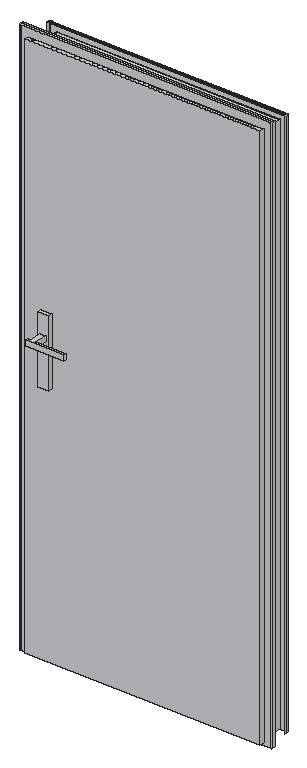
Revit family "ROMA_pojedyncze_st", category Drzwi, Revit 2016
Family settings
  Obiekt nadrzędny = Ściana
  Zawsze pionowo = Tak
  Tnij formami wycięć po wczytaniu = Nie
  Współdzielony = Nie
  Punkt obliczania pomieszczeń = Nie
Parameters (values of type "PN 80")
  Wysokość = 2055 mm
  Zakończenie ściany = Wg obiektu nadrzędnego
  URL = "www.porta.com.pl"
  Szerokość = 900 mm
  Ss = 868 mm
  Sb = 880 mm
  Producent = "PORTA KMI POLAND"  # constant formula
  Description = ""
  Materiał_skrzydło [instance] = none
  Materiał_ościeżnica [instance] = none
  Materiał_klamka [instance] = none
  Konstrukcja analityczna = "<Brak>"
  Informacja = "Własność Porta KMI Poland, wszelkie prawa zastrzeżone."  # constant formula
  Hs = 2030 mm
  Funkcja = Wewnętrzna
Types (3, lengths in mm): name | Szerokość | Ss | Sb
  PN 80 | 900 | 868 | 880
  PN 90 | 1000 | 968 | 980
  PN 100 | 1100 | 1068 | 1080
Reference planes
  plane 1: y = 0
  plane 2 "Środek (Lewa/Prawa)": x = 0
  plane 3 "Lewy": x = -450
  plane 4 "Prawy": x = 450
  plane 5: z = 2055
  plane 6 "Zewnętrzna": y = 75
  plane 7 "Wewnętrzna": y = -75
  plane 8 "skrzydło": y = -57
  plane 9: x = -440
Forms (mm)
  Sweep 1, solid, material <- "Materiał_ościeżnica"
    path in 3D
      loop
        line (-450, -75, 0) -> (-450, -75, 2055) -> (450, -75, 2055) -> (450, -75, 0)
    profile origin (-450, -75, 1027.5) x (0, -1, 0) y (1, 0, 0)
      loop
        arc (9.5, -15) -> (11.268, -14.268) -> (12, -12.5) r 2.5
        line (12, -12.5) -> (12, 22.5)
        arc (12, 22.5) -> (11.268, 24.268) -> (9.5, 25) r 2.5
        line (9.5, 25) -> (-31.505, 25)
        arc (-31.505, 25) -> (-32.212, 25.293) -> (-32.505, 26) r 1
        line (-32.505, 26) -> (-32.505, 34.5)
        arc (-32.505, 34.5) -> (-32.212, 35.207) -> (-31.505, 35.5) r 1
        line (-31.505, 35.5) -> (-24.255, 35.5)
        arc (-24.255, 35.5) -> (-22.005, 37.75) -> (-24.255, 40) r 2.25
        line (-24.255, 40) -> (-89.5, 40)
        arc (-89.5, 40) -> (-91.268, 39.268) -> (-92, 37.5) r 2.5
        line (-92, 37.5) -> (-92, 12.5)
        arc (-92, 12.5) -> (-91.268, 10.732) -> (-89.5, 10) r 2.5
        line (-89.5, 10) -> (-80, 10) -> (-80, 11.2) -> (-89.5, 11.2)
        arc (-89.5, 11.2) -> (-90.419, 11.581) -> (-90.8, 12.5) r 1.3
        line (-90.8, 12.5) -> (-90.8, 37.5)
        arc (-90.8, 37.5) -> (-90.419, 38.419) -> (-89.5, 38.8) r 1.3
        line (-89.5, 38.8) -> (-24.255, 38.8)
        arc (-24.255, 38.8) -> (-23.205, 37.75) -> (-24.255, 36.7) r 1.05
        line (-24.255, 36.7) -> (-31.505, 36.7)
        arc (-31.505, 36.7) -> (-33.06, 36.056) -> (-33.705, 34.5) r 2.2
        line (-33.705, 34.5) -> (-33.705, 26)
        arc (-33.705, 26) -> (-33.06, 24.444) -> (-31.505, 23.8) r 2.2
        line (-31.505, 23.8) -> (9.5, 23.8)
        arc (9.5, 23.8) -> (10.419, 23.419) -> (10.8, 22.5) r 1.3
        line (10.8, 22.5) -> (10.8, -12.5)
        arc (10.8, -12.5) -> (10.419, -13.419) -> (9.5, -13.8) r 1.3
        line (9.5, -13.8) -> (0, -13.8) -> (0, -15) -> (9.5, -15)
Lines and regions (mm)
  Opening 1
    outline origin (-3050, -75, 0) x (1, 0, 0) y (0, 0, 1)
      loop
        line (2600, 0) -> (3500, 0) -> (3500, 2055) -> (2600, 2055) -> (2600, 0)
  symbolic lines, style "DoorsPanelProjection"
    curve 1: line (434, -75, 0) -> (434, -943, 0)
    curve 2: line (434, -943, 0) -> (389, -943, 0)
    curve 3: line (389, -943, 0) -> (389, -75, 0)
    curve 4: line (389, -75, 0) -> (434, -75, 0)
  symbolic lines, style "Plan Swing"
    curve 5: arc (-434, -75, 0) -> (-179.769, -688.769, 0) -> (434, -943, 0) r 868
  sketch lines
    curve 6: line (-450, -75, 0) -> (-450, -75, 2055)
    curve 7: line (-450, -75, 2055) -> (450, -75, 2055)
    curve 8: line (450, -75, 2055) -> (450, -75, 0)
Text (mm)
  text "Zewnętrzna" at (-2295.016, 1099.543, 0), in view "Poziom odniesienia"
  text "Zewnętrzna" at (0, 1615.38, 3698.081), in view "Lewy"
  text "Zewnętrzna" at (0, 1036.032, 3874.932), in view "Prawy"
Dimensions and locks
  equal spacing: plane 3 "Lewy", plane 2 "Środek (Lewa/Prawa)", plane 4 "Prawy"
  "Szerokość": plane 3 "Lewy" to plane 4 "Prawy"
  "Wysokość": plane 5 to host wall
  host wall to plane 5 = 2055 mm  (x2)
  locked: plane 6 "Zewnętrzna" to host wall at 0
  locked: plane 7 "Wewnętrzna" to host wall
  "Ss": curve 2 to plane 7 "Wewnętrzna"
  locked: curve 3 to curve 1 at 45
  equal spacing: curve 5, plane 2 "Środek (Lewa/Prawa)", curve 1
  locked: plane 7 "Wewnętrzna" to plane 8 "skrzydło" at 18
  equal spacing: nested 1, plane 2 "Środek (Lewa/Prawa)", nested 1
  locked: nested 1 to level at 8
  locked: plane 3 "Lewy" to plane 9 at 10
  aligned and locked: plane 3 "Lewy" to Opening 1 sketch curve
  aligned and locked: plane 5 to Opening 1 sketch curve  (x2)
  aligned and locked: Opening 1 sketch curve to plane 4 "Prawy"
  aligned and locked: Opening 1 sketch curve to level
  aligned and locked: plane 1 to host wall
  aligned and locked: plane 8 "skrzydło" to nested 1
  aligned and locked: profile plane to Sweep 1 sketch curve
  aligned and locked: plane 9 to Sweep 1 sketch curve
Automatic sketch dimensions
  curve 3 to host wall = 0 mm
  curve 5 to host wall = 0 mm
  Sweep 1 sketch curve to Sweep 1 sketch curve = 0 mm  (x14)
  Sweep 1 sketch curve to Sweep 1 sketch curve = 1.3 mm  (x3)
  Sweep 1 sketch curve to Sweep 1 sketch curve = 9.5 mm  (x2)
  Sweep 1 sketch curve to Sweep 1 sketch curve = 46.295 mm
  Sweep 1 sketch curve to Sweep 1 sketch curve = 1.2 mm
  Sweep 1 sketch curve to Sweep 1 sketch curve = 1 mm  (x2)
  Sweep 1 sketch curve to Sweep 1 sketch curve = 7.25 mm
  Sweep 1 sketch curve to Sweep 1 sketch curve = 31.505 mm
  Sweep 1 sketch curve to Sweep 1 sketch curve = 33.755 mm
  Sweep 1 sketch curve to profile plane = 15 mm
  Sweep 1 sketch curve to Sweep 1 sketch curve = 35 mm
  Sweep 1 sketch curve to Sweep 1 sketch curve = 8.5 mm
  Sweep 1 sketch curve to Sweep 1 sketch curve = 25 mm
Nested families
  nested 1: "ROMA Standard" at (0, -63.5, 0), Materiał_skrzydło_płyta <- "Materiał_skrzydło", Materiał_klamka <- "Materiał_klamka", type "ROMA Standard"
    with Materiał_skrzydło_płyta none, Materiał_klamka none, Ss 868 mm
Definition of nested family "ROMA Standard"
  Parameters
    Ss = 968 mm
    Materiał_skrzydło_płyta [instance] = none
    Materiał_klamka [instance] = none
    Assembly Code = ""
    Hs = 2030 mm
  Reference planes
    plane 1 "Tył": y = 6.5
    plane 2: z = 0
    plane 3 "Środek (Lewa/Prawa)": x = 0
    plane 4 "Lewa": x = -484
    plane 5 "Prawa": x = 484
    plane 6 "Przód": y = -38.5
    plane 7: z = 2038
    plane 8: x = -471
    plane 9: z = 8
    plane 10: x = 471
    plane 11: z = 2025
  Forms (mm)
    Extrusion 1, solid, material <- "Materiał_skrzydło_płyta"
      sketch origin (0, 6.5, 0) x (1, 0, 0) y (0, 0, 1)
        loop
          line (-471, 2025) -> (-471, 8) -> (471, 8) -> (471, 2025) -> (-471, 2025)
      from 0 to 30
    Extrusion 2, solid, material <- "Materiał_skrzydło_płyta"
      sketch origin (0, -38.5, 0) x (-1, 0, 0) y (0, 0, 1)
        loop
          line (484, 2038) -> (-484, 2038) -> (-484, 8) -> (484, 8) -> (484, 2038)
      from 0 to 15
  Lines and regions (mm)
    symbolic lines
      curve 1: line (484, -20, 8) -> (-484, -20, 8)
      curve 2: line (484, -20, 2038) -> (484, -20, 8)
      curve 3: line (-484, -20, 8) -> (-484, -20, 2038)
      curve 4: line (-484, -20, 2038) -> (484, -20, 2038)
  Dimensions and locks
    equal spacing: plane 4 "Lewa", plane 3 "Środek (Lewa/Prawa)", plane 5 "Prawa"
    "Ss": plane 4 "Lewa" to plane 5 "Prawa"
    locked: plane 4 "Lewa" to plane 8 at 13
    locked: plane 9 to level at 8
    "Hs": plane 7 to plane 9
    locked: plane 5 "Prawa" to plane 10 at 13
    locked: plane 8 to nested 1 at 45
    locked: nested 1 to plane 9 at 905
    locked: nested 3 to Extrusion 1 at 45
    locked: plane 9 to nested 3 at 905
    locked: plane 1 "Tył" to plane 6 "Przód" at 45
    locked: plane 7 to plane 11 at 13
    aligned and locked: plane 8 to Extrusion 1 sketch curve
    aligned and locked: Extrusion 1 sketch curve to plane 10
    aligned and locked: plane 9 to Extrusion 1 sketch curve
    aligned and locked: Extrusion 2 sketch curve to plane 9
    aligned and locked: Extrusion 2 sketch curve to plane 7
    aligned and locked: Extrusion 2 to Extrusion 1
    aligned and locked: nested 1 to plane 6 "Przód"
    aligned and locked: Extrusion 2 sketch curve to plane 5 "Prawa"
    aligned and locked: Extrusion 2 sketch curve to plane 4 "Lewa"
    aligned and locked: curve 1 to Extrusion 2
    aligned and locked: curve 2 to Extrusion 2
    aligned and locked: curve 3 to Extrusion 2
    aligned and locked: curve 4 to Extrusion 2
    aligned and locked: plane 3 "Środek (Lewa/Prawa)" to nested 2
    aligned and locked: plane 11 to Extrusion 1 sketch curve
  Automatic sketch dimensions
    curve 2 to plane 5 "Prawa" = 0 mm
    curve 1 to plane 4 "Lewa" = 0 mm
    curve 1 to plane 9 = 0 mm
  Nested families
    nested 1: "KLAMKA" at (-406, -38.5, 1038), Materiał klamki <- "Materiał_klamka", type "KLAMKA"
      with Materiał klamki none
    nested 2: "logo_porta" at (0, 6.5, 110) x (1, 0, 0) z (0, -1, 0), type "logo_porta"
    nested 3: "KLAMKA" at (-406, 6.5, 1038), Materiał klamki <- "Materiał_klamka", type "KLAMKA"
      with Materiał klamki none
  Definition of nested family "KLAMKA"
    Parameters
      Materiał klamki [instance] = none
      Assembly Code = ""
      Default Elevation = 1219.2 mm
    Reference planes
      plane 1 "Center (Front/Back)": y = 0
      plane 2: z = 0
      plane 3 "Center (Left/Right)": x = 0
      plane 4: z = 125
      plane 5: z = -125
      plane 6: x = 20
      plane 7: x = -20
      plane 8: y = -70
      plane 9: y = -60
      plane 10: x = 10
      plane 11: x = -10
      plane 12: x = 120
      plane 13: z = 35
      plane 14: z = 55
      plane 15: y = -15
    Forms (mm)
      Extrusion 1, solid, material <- "Materiał klamki"
        sketch origin (0, 0, 0) x (1, 0, 0) y (0, 0, 1)
          loop
            line (-20, 125) -> (-20, -125) -> (20, -125) -> (20, 125) -> (-20, 125)
        from 0 to 15
      Extrusion 2, solid, material <- "Materiał klamki"
        sketch origin (0, 0, 0) x (1, 0, 0) y (0, 1, 0)
          loop
            line (-10, -15) -> (-10, -60) -> (-20, -60) -> (-20, -70) -> (120, -70) -> (120, -60) -> (10, -60) -> (10, -15) -> (-10, -15)
        from 35 to 55
    Dimensions and locks
      equal spacing: plane 4, plane 2, plane 5
      plane 4 to plane 5 = 250 mm
      equal spacing: plane 7, plane 3 "Center (Left/Right)", plane 6
      plane 7 to plane 6 = 40 mm
      plane 8 to plane 1 "Center (Front/Back)" = 70 mm
      plane 11 to plane 3 "Center (Left/Right)" to plane 10 = 10 mm locked, 10 mm locked
      plane 7 to plane 12 = 140 mm
      plane 15 to plane 1 "Center (Front/Back)" = 15 mm
      aligned and locked: plane 7 to Extrusion 1 sketch curve
      aligned and locked: Extrusion 1 sketch curve to plane 4
      aligned and locked: plane 5 to Extrusion 1 sketch curve
      aligned and locked: Extrusion 1 sketch curve to plane 6
      aligned and locked: plane 15 to Extrusion 1
      aligned and locked: Extrusion 1 to plane 1 "Center (Front/Back)"
      aligned and locked: plane 14 to Extrusion 2
      aligned and locked: Extrusion 2 to plane 13
    Automatic sketch dimensions
      Extrusion 2 sketch curve to plane 7 = 0 mm
      Extrusion 2 sketch curve to plane 9 = 0 mm  (x2)
      Extrusion 2 sketch curve to plane 11 = 0 mm
      Extrusion 2 sketch curve to plane 10 = 0 mm
      Extrusion 2 sketch curve to plane 12 = 0 mm
      Extrusion 2 sketch curve to plane 8 = 0 mm
      Extrusion 2 sketch curve to plane 15 = 0 mm
  Definition of nested family "logo_porta"
    Reference planes
      plane 1 "Środek (Przód/Tył)": y = 0
      plane 2: z = 0
      plane 3 "Środek (Lewa/Prawa)": x = 0
